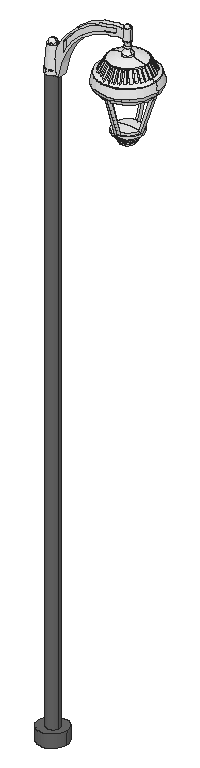
Revit family
Parameters
  Wattage Comments = "150 WATT COATED PMH"
  Wattage = 12.1178 W
  built-in parameter 1150110 = 1 (stored number, unit not read)
  Voltage = 208 V
  Vertical Lamp = Type = 1  # no
  URL = "www.kimlighting.com/"
  Type Comments = "Lighting Fixture"  # constant formula
  Type = 0
  built-in parameter 1114217 = 1 (stored number, unit not read)
  Top Mount Adapter Visible = yes
  Tilt Angle = 90.00°
  built-in parameter 1150109 = 1 (stored number, unit not read)
  built-in parameter 1150134 = (empty or 0)
  built-in parameter 1150113 = 1 (stored number, unit not read)
  Series = "Era Lantern luminaire"  # constant formula
  Revision Date = "2/8/2010"  # constant formula
  Power Factor = 0
  Pole Height [instance] = 192"
  Pole Finish = Aluminum-KIM-Black
  Photometric Web File = "generic"
  OmniClass Title = "Street and Roadway Lighting"  # constant formula
  OmniClass Number = "23-80 70 14 21"  # constant formula
  Number of Poles = 1
  Note Visible = yes
  Note Text = "LF"  # constant formula
  built-in parameter 1150142 = (empty or 0)
  Mount Height [instance] = Pole Height + 12"  # 204"
  Model = "LET 19SS"  # constant formula
  MasterFormat Title = "Parking Lighting, Roadway Lighting, Site Lighting"  # constant formula
  MasterFormat Number = "26 56 16, 26 56 19, 26 56 29"  # constant formula
  Manufacturer = "Kim Lighting"  # constant formula
  Lumens = 1800 lm
  built-in parameter 1150115 = 1 (stored number, unit not read)
  built-in parameter 1150105 = 143.24 (stored number, unit not read)
  built-in parameter 1150137 = (empty or 0)
  built-in parameter 1150139 = (empty or 0)
  built-in parameter 1150112 = 1 (stored number, unit not read)
  built-in parameter 1150114 = 1 (stored number, unit not read)
  Lamp = "COATED PMH"
  LEED = "www.usgbc.org"
  Kim Lighting IES File = ""
  Inside Material = Metal-Kim Lighting-Aluminum-Reflective
  Initial Lumens = 0 lm
  built-in parameter 1150132 = 2
  built-in parameter 1150102 = (empty or 0)
  built-in parameter 1150138 = (empty or 0)
  built-in parameter 1150107 = 3000 (stored number, unit not read)
  built-in parameter 1150106 = 1.4324 (stored number, unit not read)
  Housing Material = Metal-Kim Lighting-Aluminum Alloy
  Horizontal Lamp = Type = 0  # yes
  Glass Material = Glass-Kim Lighting-Clear
  Full Load Current = 0 A
  Frequency = 60 Hz
  Finish = "All colors shall be a Super TGIC powder coat paint. Optional white (WH) and custom colors available."
  Emit from Circle Diameter = 24"
  Emit Shape Visible in Rendering = no
  built-in parameter 1150104 = 13.8 (stored number, unit not read)
  Dimming Lamp Color Temperature Shift = (empty or 0)
  Description = "Site/Roadway Luminaire"  # constant formula
  Color Filter = 16777215
  built-in parameter 1114218 = 1 (stored number, unit not read)
  built-in parameter 1150133 = 10 (stored number, unit not read)
  Assembly Code = "D5020200"
  Arm Visible = yes
  Arm Material = Metal-Kim Lighting-Aluminum Alloy
  Architectural Design Manual = "http://www.kimlighting.com/LET19ss.pdf"
  Apparent Load = 0 VA
Reference planes (in)
  plane 1 "Light Source Axis (F/B)": y = 0
  plane 2: z = 0
  plane 3 "Light Source Axis (L/R)": x = 0
  plane 4 "Light Source Elevation": z = 192.54203
  plane 5 "Bottom": z = 178.90625
  plane 6: z = 182.65625
  plane 7: z = 179.54125
  plane 8: z = 180.41875
  plane 9: x = -2.705
  plane 10: x = -2.125
  plane 11: z = 181.97125
  plane 12: x = 2.125
  plane 13: x = 2.705
  plane 14: z = 183.22625
  plane 15: x = -4.5
  plane 16: x = 4.5
  plane 17: x = -3.72
  plane 18: x = 3.72
  plane 19: y = 0.375
  plane 20: y = -0.375
  plane 21: x = 0.375
  plane 22: x = -0.375
  plane 23: z = 193.65625
  plane 24: z = 195.15625
  plane 25: z = 196.15625
  plane 26: z = 198.57958
  plane 27: z = 202.75
  plane 28 "Back": x = -9.13603
  plane 29: x = -8.8041
  plane 30: x = -9.5
  plane 31: x = -8.85067
  plane 32 "Front": x = 9.13603
  plane 33: x = 9.5
  plane 34: x = 8.85067
  plane 35: x = 8.8041
  plane 36: y = 3.72
  plane 37: y = -3.72
  plane 38: y = 4.5
  plane 39: y = -4.5
  plane 40: z = 198.82965
  plane 41: z = 202.6266
  plane 42: x = 8.75
  plane 43: x = -8.75
  plane 44: x = -5.75
  plane 45: x = 5.75
  plane 46: x = -3
  plane 47: x = 3
  plane 48 "Top": z = 204
  plane 49 "Mount to Arm": z = 208
Forms (in)
  Revolve 1, solid, material "Metal-Kim Lighting-Aluminum Alloy" <- "Housing Material", detail levels medium+fine
    sketch origin (0, 0, 0) x (1, 0, 0) y (0, 0, 1)
      loop
        line (0, 178.90625) -> (0, 180.41875) -> (-2.705, 180.41875) -> (-2.705, 179.79375) -> (-2.27, 179.54125) -> (-2.125, 179.54125) -> (-2.125, 178.90625) -> (0, 178.90625)
      axis (0, 180.41875) -> (0, 178.90625)
    angle from 0 to 360
  Revolve 2, solid, material "Metal-Kim Lighting-Aluminum Alloy" <- "Housing Material", detail levels medium+fine
    sketch origin (0, 0, 0) x (1, 0, 0) y (0, 0, 1)
      loop
        line (0, 182.65625) -> (-4.5, 182.65625) -> (-4.5, 181.97125) -> (0, 181.97125) -> (0, 182.65625)
      axis (0, 182.65625) -> (0, 181.97125)
    angle from 0 to 360
  Revolve 3, solid, material "Metal-Kim Lighting-Aluminum Alloy" <- "Housing Material", detail levels medium+fine
    sketch origin (0, 0, -5.09375) x (1, 0, 0) y (0, 0, 1)
      loop
        line (-3.72, 187.75) -> (0, 187.75) -> (0, 188.61)
        spline (0, 188.61) -> (-0.30271, 188.60799) -> (-0.60674, 188.60194) -> (-0.9121, 188.59188) -> (-1.21879, 188.57778) -> (-1.5268, 188.55965) -> (-1.83614, 188.5375) -> (-2.1468, 188.51132) -> (-2.45879, 188.48111) -> (-2.7721, 188.44688) -> (-3.08674, 188.40861) -> (-3.40271, 188.36632) -> (-3.72, 188.32)
        line (-3.72, 188.32) -> (-3.72, 187.75)
      axis (0, 188.61) -> (0, 187.75)
    angle from 0 to 360
  Extrusion 4, solid, material "Metal-Kim Lighting-Aluminum Alloy" <- "Housing Material"
    sketch origin (0, 0.375, 52.90625) x (0, 0, 1) y (-1, 0, 0)
      loop
        line (129.75, 4.5) -> (129.75, 3.72) -> (130.32, 3.72) -> (140.75, 7.31134) -> (140.75, 7.75) -> (142.25, 8.26649) -> (142.25, 8.8041) -> (129.75, 4.5)
    from 0 to 0.75
  Extrusion 5, solid, material "Metal-Kim Lighting-Aluminum Alloy" <- "Housing Material"
    sketch origin (0, 0.375, 202) x (0, 0, 1) y (-1, 0, 0)
      loop
        line (-19.34375, -4.5) -> (-6.84375, -8.8041) -> (-6.84375, -8.26649) -> (-8.34375, -7.75) -> (-8.34375, -7.31134) -> (-18.77375, -3.72) -> (-19.34375, -3.72) -> (-19.34375, -4.5)
    from 0 to 0.75
  Extrusion 6, solid, material "Metal-Kim Lighting-Aluminum Alloy" <- "Housing Material"
    sketch origin (0.375, 13.38705, 48) x (0, 1, 0) y (0, 0, 1)
      loop
        line (-8.88705, 134.65625) -> (-4.58295, 147.15625) -> (-5.12056, 147.15625) -> (-5.63705, 145.65625) -> (-6.07571, 145.65625) -> (-9.66705, 135.22625) -> (-9.66705, 134.65625) -> (-8.88705, 134.65625)
    from 0 to -0.75
  Extrusion 7, solid, material "Metal-Kim Lighting-Aluminum Alloy" <- "Housing Material"
    sketch origin (0.375, -13.38705, 48) x (0, -1, 0) y (0, 0, -1)
      loop
        line (-8.88705, -134.65625) -> (-9.66705, -134.65625) -> (-9.66705, -135.22625) -> (-6.07571, -145.65625) -> (-5.63705, -145.65625) -> (-5.12056, -147.15625) -> (-4.58295, -147.15625) -> (-8.88705, -134.65625)
    from 0 to -0.75
  Revolve 8, solid, material "Metal-Kim Lighting-Aluminum Alloy" <- "Housing Material", detail levels medium+fine
    sketch origin (0, 0, 0) x (1, 0, 0) y (0, 0, 1)
      loop
        line (-7.75, 193.65625) -> (-7.31134, 193.65625) -> (-7.82783, 195.15625) -> (-8.26649, 195.15625) -> (-7.75, 193.65625)
      axis (0, 195.15625) -> (0, 193.65625)
    angle from 0 to 360
  Revolve 9, solid, material "Metal-Kim Lighting-Aluminum Alloy" <- "Housing Material", detail levels medium+fine
    sketch origin (0, 0, -5.09375) x (1, 0, 0) y (0, 0, 1)
      loop
        line (-9.5, 201.25) -> (-9.13603, 200.25) -> (-7.83591, 200.25) -> (-7.83591, 203.67333) -> (-8.85067, 203.67333) -> (-9.5, 201.25)
      axis (0, 203.67333) -> (0, 200.25)
    angle from 0 to 360
  Revolve 10, solid, material "Metal-Kim Lighting-Aluminum Alloy" <- "Housing Material", detail levels medium+fine
    sketch origin (-1, 0, 0) x (1, 0, 0) y (0, 0, 1)
      loop
        spline (1, 204) -> (0.46827, 203.96434) -> (-0.05389, 203.91622) -> (-0.56651, 203.85565) -> (-1.06956, 203.78262) -> (-1.56307, 203.69714) -> (-2.04701, 203.5992) -> (-2.5214, 203.48881) -> (-2.98623, 203.36596) -> (-3.44151, 203.23065) -> (-3.88723, 203.08289) -> (-4.32339, 202.92267) -> (-4.75, 202.75)
        line (-4.75, 202.75) -> (1, 202.75) -> (1, 204)
      axis (1, 204) -> (1, 202.75)
    angle from 0 to 360
  Revolve 11, solid, material "Metal-Kim Lighting-Aluminum Alloy" <- "Housing Material", detail levels medium+fine
    sketch origin (0, 0, 0) x (1, 0, 0) y (0, 0, 1)
      loop
        line (0, 181.97125) -> (-4.5, 181.97125)
        spline (-4.5, 181.97125) -> (-4.35084, 181.86689) -> (-4.20608, 181.75798) -> (-4.0657, 181.64452) -> (-3.92972, 181.52651) -> (-3.79813, 181.40396) -> (-3.67094, 181.27686) -> (-3.54813, 181.14521) -> (-3.42972, 181.00901) -> (-3.3157, 180.86827) -> (-3.20608, 180.72298) -> (-3.10084, 180.57314) -> (-3, 180.41875)
        line (-3, 180.41875) -> (0, 180.41875) -> (0, 181.97125)
      axis (0, 180.41875) -> (0, 181.97125)
    angle from 0 to 360
  Revolve 12, solid, material "Metal-Kim Lighting-Aluminum Alloy" <- "Housing Material", detail levels medium+fine
    sketch origin (0, 0, 0) x (1, 0, 0) y (0, 0, 1)
      loop
        line (0, 202.75) -> (-5.75, 202.75) -> (-5.75, 202.6266)
        arc (-5.75, 202.6266) -> (-6.7713, 200.3499) -> (-8.75, 198.82965) r 5.10287
        line (-8.75, 198.82965) -> (-8.75, 198.57958) -> (0, 198.57958) -> (0, 202.75)
      axis (0, 198.57958) -> (0, 202.75)
    angle from 0 to 360
  Blend 13, solid, material "Metal-Kim Lighting-Aluminum Alloy" <- "Housing Material", detail levels fine
    base sketch origin (0, 0, 0) x (1, 0, 0) y (0, 1, 0)
      loop
        line (-0.375, 7.75) -> (-1.14238, 7.66534) -> (-1.19454, 7.92753) -> (-1.93013, 7.78121) -> (-1.87797, 7.51902) -> (-2.61587, 7.29519) -> (-2.71817, 7.54216) -> (-3.41108, 7.25515) -> (-3.30878, 7.00817) -> (-3.98882, 6.64468) -> (-4.13734, 6.86695) -> (-4.76094, 6.45027) -> (-4.61243, 6.228) -> (-5.20849, 5.73882) -> (-5.39752, 5.92785) -> (-5.92785, 5.39752) -> (-5.73882, 5.20849) -> (-6.228, 4.61243) -> (-6.45027, 4.76094) -> (-6.86695, 4.13734) -> (-6.64468, 3.98882) -> (-7.00817, 3.30878) -> (-7.25515, 3.41108) -> (-7.54216, 2.71817) -> (-7.29519, 2.61587) -> (-7.51902, 1.87797) -> (-7.78121, 1.93013) -> (-7.92753, 1.19454) -> (-7.66534, 1.14238) -> (-7.75, 0.375) -> (-8.00825, 0.375) -> (-8.00825, -0.375) -> (-7.74092, -0.375) -> (-7.66534, -1.14238) -> (-7.92753, -1.19454) -> (-7.78121, -1.93013) -> (-7.51902, -1.87797) -> (-7.29519, -2.61587) -> (-7.54216, -2.71817) -> (-7.25515, -3.41108) -> (-7.00817, -3.30878) -> (-6.64468, -3.98882) -> (-6.86695, -4.13734) -> (-6.45027, -4.76094) -> (-6.228, -4.61243) -> (-5.73882, -5.20849) -> (-5.92785, -5.39752) -> (-5.39752, -5.92785) -> (-5.20849, -5.73882) -> (-4.61243, -6.228) -> (-4.76094, -6.45027) -> (-4.13734, -6.86695) -> (-3.98882, -6.64468) -> (-3.30878, -7.00817) -> (-3.41108, -7.25515) -> (-2.71817, -7.54216) -> (-2.61587, -7.29519) -> (-1.87797, -7.51902) -> (-1.93013, -7.78121) -> (-1.19454, -7.92753) -> (-1.14238, -7.66534) -> (-0.375, -7.75) -> (-0.375, -8.00825) -> (0.375, -8.00825) -> (0.375, -7.74092) -> (1.14238, -7.66534) -> (1.19454, -7.92753) -> (1.93013, -7.78121) -> (1.87797, -7.51902) -> (2.61587, -7.29519) -> (2.71817, -7.54216) -> (3.41108, -7.25515) -> (3.30878, -7.00817) -> (3.98882, -6.64468) -> (4.13734, -6.86695) -> (4.76094, -6.45027) -> (4.61243, -6.228) -> (5.20849, -5.73882) -> (5.39752, -5.92785) -> (5.92785, -5.39752) -> (5.73882, -5.20849) -> (6.2254, -4.61069) -> (6.45027, -4.76094) -> (6.86695, -4.13734) -> (6.64468, -3.98882) -> (7.00817, -3.30878) -> (7.25515, -3.41108) -> (7.54216, -2.71817) -> (7.30266, -2.61896) -> (7.51902, -1.87797) -> (7.78121, -1.93013) -> (7.92753, -1.19454) -> (7.66534, -1.14238) -> (7.74092, -0.375) -> (8.00825, -0.375) -> (8.00825, 0.375) -> (7.75, 0.375) -> (7.66534, 1.14238) -> (7.92753, 1.19454) -> (7.78121, 1.93013) -> (7.51902, 1.87797) -> (7.29519, 2.61587) -> (7.54216, 2.71817) -> (7.25515, 3.41108) -> (7.00817, 3.30878) -> (6.64468, 3.98882) -> (6.86695, 4.13734) -> (6.45027, 4.76094) -> (6.24027, 4.62063) -> (5.73882, 5.20849) -> (5.92785, 5.39752) -> (5.39752, 5.92785) -> (5.21893, 5.74926) -> (4.61243, 6.228) -> (4.76094, 6.45027) -> (4.13734, 6.86695) -> (3.99702, 6.65695) -> (3.30878, 7.00817) -> (3.41108, 7.25515) -> (2.71817, 7.54216) -> (2.61587, 7.29519) -> (1.87797, 7.51902) -> (1.93013, 7.78121) -> (1.19454, 7.92753) -> (1.14238, 7.66534) -> (0.375, 7.74092) -> (0.375, 8.00825) -> (-0.375, 8.00825) -> (-0.375, 7.75)
    top sketch origin (0, 0, 0) x (1, 0, 0) y (0, 1, 0)
      loop
        line (-0.26925, 5.56458) -> (-0.82024, 5.50379) -> (-0.85769, 5.69204) -> (-1.38585, 5.58699) -> (-1.3484, 5.39873) -> (-1.87822, 5.23802) -> (-1.95167, 5.41535) -> (-2.44919, 5.20927) -> (-2.37574, 5.03194) -> (-2.86402, 4.77095) -> (-2.97065, 4.93054) -> (-3.41841, 4.63136) -> (-3.31177, 4.47177) -> (-3.73975, 4.12053) -> (-3.87547, 4.25626) -> (-4.25626, 3.87547) -> (-4.12053, 3.73975) -> (-4.47177, 3.31177) -> (-4.63136, 3.41841) -> (-4.93054, 2.97065) -> (-4.77095, 2.86402) -> (-5.03194, 2.37574) -> (-5.20927, 2.44919) -> (-5.41535, 1.95167) -> (-5.23802, 1.87822) -> (-5.39873, 1.3484) -> (-5.58699, 1.38585) -> (-5.69204, 0.85769) -> (-5.50379, 0.82024) -> (-5.56458, 0.26925) -> (-5.75, 0.26925) -> (-5.75, -0.26925) -> (-5.55806, -0.26925) -> (-5.50379, -0.82024) -> (-5.69204, -0.85769) -> (-5.58699, -1.38585) -> (-5.39873, -1.3484) -> (-5.23802, -1.87822) -> (-5.41535, -1.95167) -> (-5.20927, -2.44919) -> (-5.03194, -2.37574) -> (-4.77095, -2.86402) -> (-4.93054, -2.97065) -> (-4.63136, -3.41841) -> (-4.47177, -3.31177) -> (-4.12053, -3.73975) -> (-4.25626, -3.87547) -> (-3.87547, -4.25626) -> (-3.73975, -4.12053) -> (-3.31177, -4.47177) -> (-3.41841, -4.63136) -> (-2.97065, -4.93054) -> (-2.86402, -4.77095) -> (-2.37574, -5.03194) -> (-2.44919, -5.20927) -> (-1.95167, -5.41535) -> (-1.87822, -5.23802) -> (-1.3484, -5.39873) -> (-1.38585, -5.58699) -> (-0.85769, -5.69204) -> (-0.82024, -5.50379) -> (-0.26925, -5.56458) -> (-0.26925, -5.75) -> (0.26925, -5.75) -> (0.26925, -5.55806) -> (0.82024, -5.50379) -> (0.85769, -5.69204) -> (1.38585, -5.58699) -> (1.3484, -5.39873) -> (1.87822, -5.23802) -> (1.95167, -5.41535) -> (2.44919, -5.20927) -> (2.37574, -5.03194) -> (2.86402, -4.77095) -> (2.97065, -4.93054) -> (3.41841, -4.63136) -> (3.31177, -4.47177) -> (3.73975, -4.12053) -> (3.87547, -4.25626) -> (4.25626, -3.87547) -> (4.12053, -3.73975) -> (4.4699, -3.31052) -> (4.63136, -3.41841) -> (4.93054, -2.97065) -> (4.77095, -2.86402) -> (5.03194, -2.37574) -> (5.20927, -2.44919) -> (5.41535, -1.95167) -> (5.24338, -1.88044) -> (5.39873, -1.3484) -> (5.58699, -1.38585) -> (5.69204, -0.85769) -> (5.50379, -0.82024) -> (5.55806, -0.26925) -> (5.75, -0.26925) -> (5.75, 0.26925) -> (5.56458, 0.26925) -> (5.50379, 0.82024) -> (5.69204, 0.85769) -> (5.58699, 1.38585) -> (5.39873, 1.3484) -> (5.23802, 1.87822) -> (5.41535, 1.95167) -> (5.20927, 2.44919) -> (5.03194, 2.37574) -> (4.77095, 2.86402) -> (4.93054, 2.97065) -> (4.63136, 3.41841) -> (4.48058, 3.31766) -> (4.12053, 3.73975) -> (4.25626, 3.87547) -> (3.87547, 4.25626) -> (3.74724, 4.12803) -> (3.31177, 4.47177) -> (3.41841, 4.63136) -> (2.97065, 4.93054) -> (2.8699, 4.77976) -> (2.37574, 5.03194) -> (2.44919, 5.20927) -> (1.95167, 5.41535) -> (1.87822, 5.23802) -> (1.3484, 5.39873) -> (1.38585, 5.58699) -> (0.85769, 5.69204) -> (0.82024, 5.50379) -> (0.26925, 5.55806) -> (0.26925, 5.75) -> (-0.26925, 5.75) -> (-0.26925, 5.56458)
    from 198.82965 to 202.6266
  Blend 14, solid, material "Metal-Kim Lighting-Aluminum Alloy" <- "Housing Material", detail levels fine
    base sketch origin (0, 0, 0) x (1, 0, 0) y (0, 1, 0)
      loop
        line (-0.14348, 2.96526) -> (-0.43709, 2.93287) -> (-0.45705, 3.03319) -> (-0.73849, 2.97721) -> (-0.71854, 2.87689) -> (-1.00087, 2.79125) -> (-1.04001, 2.88574) -> (-1.30513, 2.77593) -> (-1.26599, 2.68143) -> (-1.52618, 2.54235) -> (-1.58301, 2.6274) -> (-1.82161, 2.46797) -> (-1.76478, 2.38293) -> (-1.99285, 2.19576) -> (-2.06517, 2.26808) -> (-2.26808, 2.06517) -> (-2.19576, 1.99285) -> (-2.38293, 1.76478) -> (-2.46797, 1.82161) -> (-2.6274, 1.58301) -> (-2.54235, 1.52618) -> (-2.68143, 1.26599) -> (-2.77593, 1.30513) -> (-2.88574, 1.04001) -> (-2.79125, 1.00087) -> (-2.87689, 0.71854) -> (-2.97721, 0.73849) -> (-3.03319, 0.45705) -> (-2.93287, 0.43709) -> (-2.96526, 0.14348) -> (-3.06407, 0.14348) -> (-3.06407, -0.14348) -> (-2.96179, -0.14348) -> (-2.93287, -0.43709) -> (-3.03319, -0.45705) -> (-2.97721, -0.73849) -> (-2.87689, -0.71854) -> (-2.79125, -1.00087) -> (-2.88574, -1.04001) -> (-2.77593, -1.30513) -> (-2.68143, -1.26599) -> (-2.54235, -1.52618) -> (-2.6274, -1.58301) -> (-2.46797, -1.82161) -> (-2.38293, -1.76478) -> (-2.19576, -1.99285) -> (-2.26808, -2.06517) -> (-2.06517, -2.26808) -> (-1.99285, -2.19576) -> (-1.76478, -2.38293) -> (-1.82161, -2.46797) -> (-1.58301, -2.6274) -> (-1.52618, -2.54235) -> (-1.26599, -2.68143) -> (-1.30513, -2.77593) -> (-1.04001, -2.88574) -> (-1.00087, -2.79125) -> (-0.71854, -2.87689) -> (-0.73849, -2.97721) -> (-0.45705, -3.03319) -> (-0.43709, -2.93287) -> (-0.14348, -2.96526) -> (-0.14348, -3.06407) -> (0.14348, -3.06407) -> (0.14348, -2.96179) -> (0.43709, -2.93287) -> (0.45705, -3.03319) -> (0.73849, -2.97721) -> (0.71854, -2.87689) -> (1.00087, -2.79125) -> (1.04001, -2.88574) -> (1.30513, -2.77593) -> (1.26599, -2.68143) -> (1.52618, -2.54235) -> (1.58301, -2.6274) -> (1.82161, -2.46797) -> (1.76478, -2.38293) -> (1.99285, -2.19576) -> (2.06517, -2.26808) -> (2.26808, -2.06517) -> (2.19576, -1.99285) -> (2.38193, -1.76412) -> (2.46797, -1.82161) -> (2.6274, -1.58301) -> (2.54235, -1.52618) -> (2.68143, -1.26599) -> (2.77593, -1.30513) -> (2.88574, -1.04001) -> (2.79411, -1.00205) -> (2.87689, -0.71854) -> (2.97721, -0.73849) -> (3.03319, -0.45705) -> (2.93287, -0.43709) -> (2.96179, -0.14348) -> (3.06407, -0.14348) -> (3.06407, 0.14348) -> (2.96526, 0.14348) -> (2.93287, 0.43709) -> (3.03319, 0.45705) -> (2.97721, 0.73849) -> (2.87689, 0.71854) -> (2.79125, 1.00087) -> (2.88574, 1.04001) -> (2.77593, 1.30513) -> (2.68143, 1.26599) -> (2.54235, 1.52618) -> (2.6274, 1.58301) -> (2.46797, 1.82161) -> (2.38762, 1.76792) -> (2.19576, 1.99285) -> (2.26808, 2.06517) -> (2.06517, 2.26808) -> (1.99684, 2.19975) -> (1.76478, 2.38293) -> (1.82161, 2.46797) -> (1.58301, 2.6274) -> (1.52932, 2.54705) -> (1.26599, 2.68143) -> (1.30513, 2.77593) -> (1.04001, 2.88574) -> (1.00087, 2.79125) -> (0.71854, 2.87689) -> (0.73849, 2.97721) -> (0.45705, 3.03319) -> (0.43709, 2.93287) -> (0.14348, 2.96179) -> (0.14348, 3.06407) -> (-0.14348, 3.06407) -> (-0.14348, 2.96526)
    top sketch origin (0, 0, 0) x (1, 0, 0) y (0, 1, 0)
      loop
        line (-0.20291, 4.19352) -> (-0.61814, 4.14771) -> (-0.64636, 4.28958) -> (-1.04439, 4.2104) -> (-1.01617, 4.06854) -> (-1.41544, 3.94742) -> (-1.4708, 4.08105) -> (-1.84573, 3.92575) -> (-1.79038, 3.79211) -> (-2.15835, 3.59543) -> (-2.23871, 3.7157) -> (-2.57614, 3.49024) -> (-2.49578, 3.36997) -> (-2.81831, 3.10527) -> (-2.92059, 3.20755) -> (-3.20755, 2.92059) -> (-3.10527, 2.81831) -> (-3.36997, 2.49578) -> (-3.49024, 2.57614) -> (-3.7157, 2.23871) -> (-3.59543, 2.15835) -> (-3.79211, 1.79038) -> (-3.92575, 1.84573) -> (-4.08105, 1.4708) -> (-3.94742, 1.41544) -> (-4.06854, 1.01617) -> (-4.2104, 1.04439) -> (-4.28958, 0.64636) -> (-4.14771, 0.61814) -> (-4.19352, 0.20291) -> (-4.33325, 0.20291) -> (-4.33325, -0.20291) -> (-4.1886, -0.20291) -> (-4.14771, -0.61814) -> (-4.28958, -0.64636) -> (-4.2104, -1.04439) -> (-4.06854, -1.01617) -> (-3.94742, -1.41544) -> (-4.08105, -1.4708) -> (-3.92575, -1.84573) -> (-3.79211, -1.79038) -> (-3.59543, -2.15835) -> (-3.7157, -2.23871) -> (-3.49024, -2.57614) -> (-3.36997, -2.49578) -> (-3.10527, -2.81831) -> (-3.20755, -2.92059) -> (-2.92059, -3.20755) -> (-2.81831, -3.10527) -> (-2.49578, -3.36997) -> (-2.57614, -3.49024) -> (-2.23871, -3.7157) -> (-2.15835, -3.59543) -> (-1.79038, -3.79211) -> (-1.84573, -3.92575) -> (-1.4708, -4.08105) -> (-1.41544, -3.94742) -> (-1.01617, -4.06854) -> (-1.04439, -4.2104) -> (-0.64636, -4.28958) -> (-0.61814, -4.14771) -> (-0.20291, -4.19352) -> (-0.20291, -4.33325) -> (0.20291, -4.33325) -> (0.20291, -4.1886) -> (0.61814, -4.14771) -> (0.64636, -4.28958) -> (1.04439, -4.2104) -> (1.01617, -4.06854) -> (1.41544, -3.94742) -> (1.4708, -4.08105) -> (1.84573, -3.92575) -> (1.79038, -3.79211) -> (2.15835, -3.59543) -> (2.23871, -3.7157) -> (2.57614, -3.49024) -> (2.49578, -3.36997) -> (2.81831, -3.10527) -> (2.92059, -3.20755) -> (3.20755, -2.92059) -> (3.10527, -2.81831) -> (3.36856, -2.49484) -> (3.49024, -2.57614) -> (3.7157, -2.23871) -> (3.59543, -2.15835) -> (3.79211, -1.79038) -> (3.92575, -1.84573) -> (4.08105, -1.4708) -> (3.95146, -1.41712) -> (4.06854, -1.01617) -> (4.2104, -1.04439) -> (4.28958, -0.64636) -> (4.14771, -0.61814) -> (4.1886, -0.20291) -> (4.33325, -0.20291) -> (4.33325, 0.20291) -> (4.19352, 0.20291) -> (4.14771, 0.61814) -> (4.28958, 0.64636) -> (4.2104, 1.04439) -> (4.06854, 1.01617) -> (3.94742, 1.41544) -> (4.08105, 1.4708) -> (3.92575, 1.84573) -> (3.79211, 1.79038) -> (3.59543, 2.15835) -> (3.7157, 2.23871) -> (3.49024, 2.57614) -> (3.37661, 2.50022) -> (3.10527, 2.81831) -> (3.20755, 2.92059) -> (2.92059, 3.20755) -> (2.82396, 3.11092) -> (2.49578, 3.36997) -> (2.57614, 3.49024) -> (2.23871, 3.7157) -> (2.16279, 3.60207) -> (1.79038, 3.79211) -> (1.84573, 3.92575) -> (1.4708, 4.08105) -> (1.41544, 3.94742) -> (1.01617, 4.06854) -> (1.04439, 4.2104) -> (0.64636, 4.28958) -> (0.61814, 4.14771) -> (0.20291, 4.1886) -> (0.20291, 4.33325) -> (-0.20291, 4.33325) -> (-0.20291, 4.19352)
    from 180.41875 to 181.97125
  Revolve 15, solid, material "Metal-Kim Lighting-Aluminum Alloy" <- "Housing Material", detail levels coarse
    sketch origin (0, 0, -5.09375) x (1, 0, 0) y (0, 0, 1)
      loop
        line (0, 209.09375) -> (0, 198.75) -> (8.59007, 198.75) -> (9.5, 201.25) -> (4.97141, 209.09375) -> (0, 209.09375)
      axis (0, 198.75) -> (0, 209.09375)
    angle from 0 to 360
  Revolve 16, solid, material "Metal-Kim Lighting-Aluminum Alloy" <- "Housing Material", detail levels coarse
    sketch origin (0, 0, 20) x (1, 0, 0) y (0, 0, 1)
      loop
        line (0, 162.65625) -> (0, 158.90625) -> (2.125, 158.90625) -> (4.5, 162.65625) -> (0, 162.65625)
      axis (0, 162.65625) -> (0, 158.90625)
    angle from 0 to 360
  Revolve 17, solid, material "Metal-Kim Lighting-Aluminum-Reflective" <- "Inside Material", visible <- "Horizontal Lamp", detail levels medium+fine
    sketch origin (-33.9863, 0, 56.70062) x (0, 0, -1) y (1, 0, 0)
      loop
        line (-138.45563, 37.86718) -> (-138.45563, 36.49363) -> (-137.70563, 36.49363) -> (-137.70563, 37.86718) -> (-138.45563, 37.86718)
      axis (-138.45563, 37.86718) -> (-138.45563, 36.49363)
    angle from 0 to 360
  Revolve 18, solid, material "Metal-Kim Lighting-Aluminum-Reflective" <- "Inside Material", visible <- "Horizontal Lamp", detail levels medium+fine
    sketch origin (-0.45062, 0, 22.6177) x (1, 0, 0) y (0, 0, 1)
      loop
        line (0.45062, 175.67143) -> (2.65385, 175.67143) -> (3.02797, 175.02343) -> (4.78907, 175.02343) -> (5.25856, 173.65993) -> (5.82562, 173.65993) -> (5.82562, 171.52084) -> (7.76455, 171.0461) -> (7.79642, 171.13865) -> (5.92718, 171.59633) -> (5.92718, 173.76149) -> (5.33101, 173.76149) -> (4.86152, 175.125) -> (3.08661, 175.125) -> (2.71249, 175.77299) -> (0.45062, 175.77299) -> (0.45062, 175.67143)
      axis (0.45062, 175.77299) -> (0.45062, 171.0461)
    angle from 0 to 360
  Revolve 19, solid, material "Metal-Kim Lighting-Aluminum-Reflective" <- "Inside Material", visible <- "Horizontal Lamp", detail levels medium+fine
    sketch origin (-0.45062, 0, 22.5137) x (1, 0, 0) y (0, 0, 1)
      loop
        line (5.8315, 172.64255) -> (5.8315, 173.39255) -> (4.3315, 173.39255) -> (4.3315, 172.64255) -> (5.8315, 172.64255)
      axis (4.3315, 172.64255) -> (5.8315, 172.64255)
    angle from 0 to 360
  Revolve 20, solid, material "Glass-Kim Lighting-Clear" <- "Glass Material", detail levels medium+fine
    sketch origin (1.80104, 0, 92.4652) x (1, 0, 0) y (0, 0, 1)
      loop
        line (5.51029, 101.19105) -> (5.26029, 101.19105)
        arc (5.26029, 101.19105) -> (1.79182, 100.18227) -> (-1.80104, 99.80915) r 20.14435
        line (-1.80104, 99.80915) -> (-1.80104, 99.67334)
        arc (-1.80104, 99.67334) -> (1.9228, 100.10377) -> (5.51029, 101.19105) r 20.94689
      axis (-1.80104, 99.67334) -> (-1.80104, 101.19105)
    angle from 0 to 360
  Revolve 21, solid, material "Metal-Kim Lighting-Aluminum-Reflective" <- "Inside Material", visible <- "Vertical Lamp", detail levels fine
    sketch origin (1.40174, 0, 70.04548) x (1, 0, 0) y (0, 0, 1)
      loop
        line (-1.40174, 127.97209) -> (-1.40174, 122.75046)
        arc (-1.40174, 122.75046) -> (-0.4467, 123.95745) -> (-0.21609, 125.4792) r 2.99915
        arc (-0.21609, 125.4792) -> (-0.39248, 126.21437) -> (-0.7471, 126.88207) r 2.99915
        arc (-0.7471, 126.88207) -> (-0.89895, 127.44454) -> (-0.65174, 127.97209) r 0.84735
        line (-0.65174, 127.97209) -> (-1.40174, 127.97209)
      axis (-1.40174, 122.75046) -> (-1.40174, 127.97209)
    angle from 0 to 360
  Revolve 22, solid, material "Metal-Kim Lighting-Aluminum-Reflective" <- "Inside Material", visible <- "Horizontal Lamp", detail levels fine
    sketch origin (13.44149, 0, 54.84826) x (0, 0, -1) y (1, 0, 0)
      loop
        line (-140.30799, -10.93416) -> (-140.30799, -16.15579)
        arc (-140.30799, -16.15579) -> (-139.35295, -14.9488) -> (-139.12234, -13.42705) r 2.99915
        arc (-139.12234, -13.42705) -> (-139.29873, -12.69188) -> (-139.65335, -12.02418) r 2.99915
        arc (-139.65335, -12.02418) -> (-139.8052, -11.46171) -> (-139.55799, -10.93416) r 0.84735
        line (-139.55799, -10.93416) -> (-140.30799, -10.93416)
      axis (-140.30799, -16.15579) -> (-140.30799, -10.93416)
    angle from 0 to 360
  Revolve 23, solid, material "Metal-Kim Lighting-Aluminum-Reflective" <- "Inside Material", visible <- "Vertical Lamp", detail levels medium+fine
    sketch origin (-0.45062, 0, 22.6177) x (1, 0, 0) y (0, 0, 1)
      loop
        line (0.45062, 175.96189) -> (0.45062, 175.39988) -> (1.20062, 175.39988) -> (1.20062, 175.96189) -> (0.45062, 175.96189)
      axis (0.45062, 175.96189) -> (0.45062, 175.39988)
    angle from 0 to 360
  Revolve 24, solid, material "Glass-Kim Lighting-Clear" <- "Glass Material", detail levels medium+fine
    sketch origin (0, 0, 0) x (1, 0, 0) y (0, 0, 1)
      loop
        line (0, 193.75635) -> (0, 193.65625) -> (7.31134, 193.65625) -> (7.31134, 193.75635) -> (0, 193.75635)
      axis (0, 193.65625) -> (0, 193.75635)
    angle from 0 to 360
  Revolve 25, solid, material "Metal-Kim Lighting-Aluminum Alloy" <- "Housing Material", visible <- "Top Mount Adapter Visible", detail levels medium+fine
    sketch origin (0, 0, 0) x (1, 0, 0) y (0, 0, 1)
      loop
        line (0, 208) -> (0, 203.75) -> (1.58258, 203.75) -> (1.58258, 204)
        arc (1.58258, 204) -> (0.96946, 204.8263) -> (0.68644, 205.81554) r 2.87588
        arc (0.68644, 205.81554) -> (0.93644, 206.06554) -> (0.68644, 206.31554) r 0.25
        arc (0.68644, 206.31554) -> (0.78954, 207.06829) -> (1.125, 207.75) r 2.37574
        line (1.125, 207.75) -> (1.125, 208) -> (0, 208)
      axis (0, 208) -> (0, 203.75)
    angle from 0 to 360
  Revolve 26, solid, material "Metal-Kim Lighting-Aluminum Alloy" <- "Housing Material", visible <- "Top Mount Adapter Visible", detail levels coarse
    sketch origin (0, 0, 0) x (1, 0, 0) y (0, 0, 1)
      loop
        line (1.125, 208) -> (0, 208) -> (0, 203.75) -> (1.58258, 203.75) -> (0.60736, 206.06815) -> (1.125, 208)
      axis (0, 208) -> (0, 203.75)
    angle from 0 to 360
Lines and regions (in)
  symbolic lines
    curve 1: circle (0, 0, 0) r 9.5 normal (0, 0, 1)
    curve 30: line (2.125, 0, 178.90625) -> (-2.125, 0, 178.90625)
    curve 76: line (1.125, 0, 208) -> (-1.125, 0, 208)
    curve 114: line (0, 2.1271, 178.90625) -> (0, -2.1271, 178.90625)
  symbolic lines, detail levels medium+fine
    curve 2: circle (0, 0, 0) r 5.75 normal (0, 0, 1)
    curve 7: line (-9.12833, 0.375, 0) -> (-8.26649, 0.375, 0)
    curve 8: line (-9.12833, -0.375, 0) -> (-9.12833, 0.375, 0)
    curve 9: line (-8.26649, -0.375, 0) -> (-9.12833, -0.375, 0)
    curve 10: line (-8.26649, 0.375, 0) -> (-8.26649, -0.375, 0)
    curve 11: line (-0.375, 8.8041, 0) -> (0.375, 8.8041, 0)
    curve 12: line (-0.375, 8.00825, 0) -> (-0.375, 8.8041, 0)
    curve 13: line (0.375, 8.00825, 0) -> (-0.375, 8.00825, 0)
    curve 14: line (0.375, 8.8041, 0) -> (0.375, 8.00825, 0)
    curve 15: line (8.00825, 0.375, 0) -> (8.8041, 0.375, 0)
    curve 16: line (8.00825, -0.375, 0) -> (8.00825, 0.375, 0)
    curve 17: line (8.8041, -0.375, 0) -> (8.00825, -0.375, 0)
    curve 18: line (8.8041, 0.375, 0) -> (8.8041, -0.375, 0)
    curve 19: line (-0.375, -8.00825, 0) -> (0.375, -8.00825, 0)
    curve 20: line (-0.375, -8.8041, 0) -> (-0.375, -8.00825, 0)
    curve 21: line (0.375, -8.8041, 0) -> (-0.375, -8.8041, 0)
    curve 22: line (0.375, -8.00825, 0) -> (0.375, -8.8041, 0)
    curve 31: line (2.125, 0, 178.90625) -> (2.125, 0, 179.54125)
    curve 32: line (2.125, 0, 179.54125) -> (2.705, 0, 179.79375)
    curve 33: line (2.705, 0, 179.79375) -> (2.705, 0, 180.41875)
    curve 34: line (3.06407, 0, 180.41875) -> (4.5, 0, 181.97125)
    curve 35: line (4.5, 0, 181.97125) -> (4.5, 0, 182.65625)
    curve 36: line (4.5, 0, 182.65625) -> (8.8041, 0, 195.15625)
    curve 37: line (8.8041, 0, 195.15625) -> (9.13603, 0, 195.15625)
    curve 38: line (9.13603, 0, 195.15625) -> (9.5, 0, 196.15625)
    curve 39: line (9.5, 0, 196.15625) -> (8.85067, 0, 198.57958)
    curve 40: line (8.85067, 0, 198.57958) -> (8.75, 0, 198.57958)
    curve 41: line (8.75, 0, 198.57958) -> (8.75, 0, 198.82965)
    curve 43: line (-2.125, 0, 178.90625) -> (-2.125, 0, 179.54125)
    curve 44: line (-2.125, 0, 179.54125) -> (-2.705, 0, 179.79375)
    curve 45: line (-2.705, 0, 179.79375) -> (-2.705, 0, 180.41875)
    curve 46: line (-3.06407, 0, 180.41875) -> (-4.5, 0, 181.97125)
    curve 47: line (-4.5, 0, 181.97125) -> (-4.5, 0, 182.65625)
    curve 48: line (-4.5, 0, 182.65625) -> (-8.8041, 0, 195.15625)
    curve 49: line (-8.8041, 0, 195.15625) -> (-9.13603, 0, 195.15625)
    curve 50: line (-9.13603, 0, 195.15625) -> (-9.5, 0, 196.15625)
    curve 51: line (-9.5, 0, 196.15625) -> (-8.85067, 0, 198.57958)
    curve 52: line (-8.85067, 0, 198.57958) -> (-8.75, 0, 198.57958)
    curve 53: line (-8.75, 0, 198.57958) -> (-8.75, 0, 198.82965)
    curve 56: line (7.31134, 0, 193.65625) -> (-7.31134, 0, 193.65625)
    curve 57: line (0.375, 0, 193.65625) -> (0.375, 0, 182.65625)
    curve 58: line (-0.375, 0, 182.65625) -> (-0.375, 0, 193.65625)
    curve 59: line (-7.82783, 0, 195.15625) -> (-3.52373, 0, 182.65625)
    curve 60: line (7.82783, 0, 195.15625) -> (3.52373, 0, 182.65625)
    curve 61: line (9.13603, 0, 195.15625) -> (-9.13603, 0, 195.15625)
    curve 62: line (4.5, 0, 182.65625) -> (-4.5, 0, 182.65625)
    curve 65: line (3.06407, 0, 180.41875) -> (-3.06407, 0, 180.41875)
    curve 68: line (8.75, 0, 198.82965) -> (-8.75, 0, 198.82965)
    curve 72: line (5.76434, 0, 202.6266) -> (-5.76434, 0, 202.6266)
    curve 73: arc (5.6931, 0, 202.75) -> (0, 0, 204.00056) -> (-5.6931, 0, 202.75) r 13.58398
    curve 77: line (1.125, 0, 208) -> (1.125, 0, 207.75)
    curve 78: arc (1.125, 0, 207.75) -> (0.79177, 0, 207.06661) -> (0.67365, 0, 206.31554) r 2.56326
    curve 79: arc (0.67365, 0, 206.31554) -> (0.92365, 0, 206.06554) -> (0.67365, 0, 205.81554) r 0.25
    curve 80: arc (0.67365, 0, 205.81554) -> (0.9681, 0, 204.82766) -> (1.58258, 0, 204) r 2.96905
    curve 81: line (1.58258, 0, 204) -> (1.58258, 0, 203.75)
    curve 82: line (1.58258, 0, 203.75) -> (-1.58258, 0, 203.75)
    curve 83: line (-1.125, 0, 208) -> (-1.125, 0, 207.75)
    curve 84: arc (-1.125, 0, 207.75) -> (-0.79177, 0, 207.06661) -> (-0.67365, 0, 206.31554) r 2.56326
    curve 85: arc (-0.67365, 0, 206.31554) -> (-0.92365, 0, 206.06554) -> (-0.67365, 0, 205.81554) r 0.25
    curve 86: arc (-0.67365, 0, 205.81554) -> (-0.9681, 0, 204.82766) -> (-1.58258, 0, 204) r 2.96905
    curve 87: line (-1.58258, 0, 204) -> (-1.58258, 0, 203.75)
    curve 96: arc (0, 0, 204) -> (0, 2.9238, 203.59947) -> (0, 5.75, 202.75) r 18.95603
    curve 98: line (0, 8.75, 198.82965) -> (0, 8.75, 198.57958)
    curve 99: line (0, 8.75, 198.57958) -> (0, 8.85067, 198.57958)
    curve 100: line (0, 8.85067, 198.57958) -> (0, 9.5, 196.15625)
    curve 101: line (0, 9.5, 196.15625) -> (0, 9.13603, 195.15625)
    curve 102: line (0, 9.13603, 195.15625) -> (0, -9.13603, 195.15625)
    curve 103: line (0, 8.8041, 195.15625) -> (0, 4.5, 182.65625)
    curve 104: line (0, 7.82783, 195.15625) -> (0, 3.52373, 182.65625)
    curve 105: line (0, 0.375, 193.65625) -> (0, 0.375, 182.65625)
    curve 106: line (0, -0.375, 193.65625) -> (0, -0.375, 182.65625)
    curve 107: line (0, 4.5, 182.65625) -> (0, 4.5, 181.97125)
    curve 108: line (0, 4.5, 181.97125) -> (0, 3.06407, 180.41875)
    curve 109: line (0, 3.06407, 180.41875) -> (0, -3.06407, 180.41875)
    curve 110: line (0, 2.70706, 180.41875) -> (0, 2.70706, 179.79375)
    curve 111: line (0, 2.70706, 179.79375) -> (0, 2.26972, 179.54125)
    curve 112: line (0, 2.26972, 179.54125) -> (0, 2.1271, 179.54125)
    curve 113: line (0, 2.1271, 179.54125) -> (0, 2.1271, 178.90625)
    curve 115: line (0, -8.75, 198.82965) -> (0, -8.75, 198.57958)
    curve 116: line (0, -8.75, 198.57958) -> (0, -8.85067, 198.57958)
    curve 117: line (0, -8.85067, 198.57958) -> (0, -9.5, 196.15625)
    curve 118: line (0, -9.5, 196.15625) -> (0, -9.13603, 195.15625)
    curve 119: line (0, -8.8041, 195.15625) -> (0, -4.5, 182.65625)
    curve 120: line (0, -7.82783, 195.15625) -> (0, -3.52373, 182.65625)
    curve 121: line (0, -4.5, 182.65625) -> (0, -4.5, 181.97125)
    curve 122: line (0, -4.5, 181.97125) -> (0, -3.06407, 180.41875)
    curve 123: line (0, -2.70706, 180.41875) -> (0, -2.70706, 179.79375)
    curve 124: line (0, -2.70706, 179.79375) -> (0, -2.26972, 179.54125)
    curve 125: line (0, -2.26972, 179.54125) -> (0, -2.1271, 179.54125)
    curve 126: line (0, -2.1271, 179.54125) -> (0, -2.1271, 178.90625)
    curve 128: arc (0, 0, 204) -> (0, -2.9238, 203.59947) -> (0, -5.75, 202.75) r 18.95603
    curve 129: line (0, 5.75, 202.75) -> (0, -5.75, 202.75)
    curve 131: line (0, 7.31134, 193.65625) -> (0, -7.31134, 193.65625)
    curve 133: line (0, 4.5, 182.65625) -> (0, -4.5, 182.65625)
    curve 147: line (0, 8.75, 198.82965) -> (0, -8.75, 198.82965)
  symbolic lines, detail levels coarse
    curve 3: line (-9.5, 0, 0) -> (9.5, 0, 0)
    curve 4: line (0, 9.5, 0) -> (0, -9.5, 0)
    curve 23: line (4.97141, 0, 204) -> (9.5, 0, 196.15625)
    curve 24: line (9.5, 0, 196.15625) -> (4.5, 0, 182.65625)
    curve 25: line (-4.5, 0, 182.65625) -> (-9.5, 0, 196.15625)
    curve 26: line (-9.5, 0, 196.15625) -> (-4.97141, 0, 204)
    curve 27: line (-4.97141, 0, 204) -> (4.97141, 0, 204)
    curve 28: line (-9.5, 0, 196.15625) -> (4.5, 0, 182.65625)
    curve 29: line (9.5, 0, 196.15625) -> (-4.5, 0, 182.65625)
    curve 69: line (4.5, 0, 182.65625) -> (2.125, 0, 178.90625)
    curve 70: line (-4.5, 0, 182.65625) -> (-2.125, 0, 178.90625)
    curve 92: line (0, 0, 208) -> (0, 0, 204.00056)
    curve 148: line (0, 0, 208) -> (0, 0, 204)
    curve 149: line (0, 4.97141, 204) -> (0, -4.97141, 204)
    curve 150: line (0, 4.97141, 204) -> (0, 9.5, 196.15625)
    curve 151: line (0, 9.5, 196.15625) -> (0, 4.5, 182.65625)
    curve 152: line (0, 4.5, 182.65625) -> (0, 2.1271, 178.90625)
    curve 153: line (0, -9.5, 196.15625) -> (0, -4.5, 182.65625)
    curve 154: line (0, -4.5, 182.65625) -> (0, -2.1271, 178.90625)
    curve 157: line (0, -4.97141, 204) -> (0, -9.5, 196.15625)
    curve 158: line (0, 9.5, 196.15625) -> (0, -4.5, 182.65625)
    curve 159: line (0, 4.5, 182.65625) -> (0, -9.5, 196.15625)
  symbolic lines, detail levels fine
    curve 5: circle (0, 0, 0) r 8.75 normal (0, 0, 1)
    curve 6: circle (0, 0, 0) r 9.13603 normal (0, 0, 1)
    curve 55: line (8.75, 0, 198.57958) -> (-8.75, 0, 198.57958)
    curve 63: line (3.72, 0, 183.22625) -> (-3.72, 0, 183.22625)
    curve 64: line (4.5, 0, 181.97125) -> (-4.5, 0, 181.97125)
    curve 66: line (2.705, 0, 179.79375) -> (-2.705, 0, 179.79375)
    curve 67: line (2.125, 0, 179.54125) -> (-2.125, 0, 179.54125)
    curve 71: line (9.5, 0, 196.15625) -> (-9.5, 0, 196.15625)
    curve 74: arc (8.75, 0, 198.82965) -> (6.74633, 0, 200.4044) -> (5.75, 0, 202.75) r 5.12008
    curve 75: arc (-5.75, 0, 202.75) -> (-6.74129, 0, 200.40054) -> (-8.75, 0, 198.82965) r 5.07563
    curve 88: line (1.125, 0, 207.75) -> (-1.125, 0, 207.75)
    curve 89: line (1.58258, 0, 204) -> (-1.58258, 0, 204)
    curve 90: line (0.67365, 0, 205.81554) -> (-0.67365, 0, 205.81554)
    curve 91: line (0.67365, 0, 206.31554) -> (-0.67365, 0, 206.31554)
    curve 97: arc (0, 5.75, 202.75) -> (0, 6.76093, 200.41557) -> (0, 8.75, 198.82965) r 5.2543
    curve 127: arc (0, -5.75, 202.75) -> (0, -6.76093, 200.41557) -> (0, -8.75, 198.82965) r 5.2543
    curve 130: line (0, -8.75, 198.57958) -> (0, 8.75, 198.57958)
    curve 132: line (0, 3.72, 183.22625) -> (0, -3.72, 183.22625)
    curve 134: line (0, 4.5, 181.97125) -> (0, -4.5, 181.97125)
    curve 135: line (0, 2.70706, 179.79375) -> (0, -2.70706, 179.79375)
    curve 136: line (0, 2.1271, 179.54125) -> (0, -2.1271, 179.54125)
    curve 137: line (0, 9.5, 196.15625) -> (0, -9.5, 196.15625)
    curve 160: line (0, 1.125, 207.75) -> (0, -1.125, 207.75)
    curve 161: line (0, 1.58258, 204) -> (0, -1.58258, 204)
    curve 162: line (0, 0.68644, 205.81554) -> (0, -0.68644, 205.81554)
    curve 163: line (0, 0.68644, 206.31554) -> (0, -0.68644, 206.31554)
  symbolic lines, detail levels medium
    curve 42: line (8.75, 0, 198.82965) -> (5.6931, 0, 202.75)
    curve 54: line (-8.75, 0, 198.82965) -> (-5.6931, 0, 202.75)
    curve 155: line (0, 8.75, 198.82965) -> (0, 5.75, 202.75)
    curve 156: line (0, -5.75, 202.75) -> (0, -8.75, 198.82965)
  symbolic lines, visible <- "Top Mount Adapter Visible"
    curve 93: line (0, 1.125, 208) -> (0, -1.125, 208)
  symbolic lines, visible <- "Top Mount Adapter Visible", detail levels medium+fine
    curve 94: line (0, 1.125, 208) -> (0, 1.125, 207.75)
    curve 95: arc (0, 1.125, 207.75) -> (0, 0.8053, 207.06347) -> (0, 0.68644, 206.31554) r 2.73074
    curve 138: arc (0, 0.68644, 206.31554) -> (0, 0.93644, 206.06554) -> (0, 0.68644, 205.81554) r 0.25
    curve 139: arc (0, 0.68644, 205.81554) -> (0, 0.96579, 204.82449) -> (0, 1.58258, 204) r 2.81743
    curve 140: line (0, 1.58258, 204) -> (0, 1.58258, 203.75)
    curve 141: line (0, 1.58258, 203.75) -> (0, -1.58258, 203.75)
    curve 142: line (0, -1.125, 208) -> (0, -1.125, 207.75)
    curve 143: arc (0, -1.125, 207.75) -> (0, -0.8053, 207.06347) -> (0, -0.68644, 206.31554) r 2.73074
    curve 144: arc (0, -0.68644, 206.31554) -> (0, -0.93644, 206.06554) -> (0, -0.68644, 205.81554) r 0.25
    curve 145: arc (0, -0.68644, 205.81554) -> (0, -0.96579, 204.82449) -> (0, -1.58258, 204) r 2.81743
    curve 146: line (0, -1.58258, 204) -> (0, -1.58258, 203.75)
Dimensions and locks (in)
  Extrusion 4 sketch curve to Extrusion 4 sketch curve = 13.22026"
  Extrusion 5 sketch curve to Extrusion 5 sketch curve = 13.22026"
  Extrusion 6 sketch curve to Extrusion 6 sketch curve = 13.22026"
  Extrusion 7 sketch curve to Extrusion 7 sketch curve = 13.22026"
  locked: plane 5 "Bottom" to plane 48 "Top" at 25.09375
  locked: plane 27 to plane 48 "Top" at 1.25
  locked: plane 41 to plane 48 "Top" at 1.3734
  locked: plane 40 to plane 48 "Top" at 5.17035
  locked: plane 26 to plane 48 "Top" at 5.42042
  locked: plane 25 to plane 48 "Top" at 7.84375
  locked: plane 24 to plane 48 "Top" at 8.84375
  locked: plane 23 to plane 48 "Top" at 10.34375
  locked: plane 4 "Light Source Elevation" to plane 48 "Top" at 11.45797
  locked: plane 5 "Bottom" to plane 14 at 4.32
  locked: plane 5 "Bottom" to plane 6 at 3.75
  locked: plane 5 "Bottom" to plane 11 at 3.065
  locked: plane 5 "Bottom" to plane 8 at 1.5125
  locked: plane 5 "Bottom" to plane 7 at 0.635
  plane 28 "Back" to plane 3 "Light Source Axis (L/R)" to plane 32 "Front" = 9.13603" locked, 9.13603" locked
  plane 15 to plane 3 "Light Source Axis (L/R)" to plane 16 = 4 1/2" locked, 4 1/2" locked
  plane 17 to plane 3 "Light Source Axis (L/R)" to plane 18 = 3.72" locked, 3.72" locked
  plane 46 to plane 3 "Light Source Axis (L/R)" to plane 47 = 3" locked, 3" locked
  plane 9 to plane 3 "Light Source Axis (L/R)" to plane 13 = 2.705" locked, 2.705" locked
  plane 10 to plane 3 "Light Source Axis (L/R)" to plane 12 = 2 1/8" locked, 2 1/8" locked
  locked: plane 1 "Light Source Axis (F/B)" to plane 38 at 4.5
  locked: plane 39 to plane 1 "Light Source Axis (F/B)" at 4.5
  plane 28 "Back" to plane 32 "Front" = 18.27206"
  plane 37 to plane 1 "Light Source Axis (F/B)" to plane 36 = 3.72" locked, 3.72" locked
  locked: plane 1 "Light Source Axis (F/B)" to plane 19 at 0.375
  locked: plane 20 to plane 1 "Light Source Axis (F/B)" at 0.375
  locked: plane 48 "Top" to plane 49 "Mount to Arm" at 4
  "Mount Height": plane 2 to plane 48 "Top"
  locked: Revolve 26 sketch curve to curve 89 at 0.25
  aligned and locked: plane 3 "Light Source Axis (L/R)" to imposter light
  aligned and locked: imposter light to plane 1 "Light Source Axis (F/B)"
  aligned and locked: plane 4 "Light Source Elevation" to imposter light
  aligned and locked: Revolve 1 to plane 5 "Bottom"
  aligned and locked: plane 7 to Revolve 1
  aligned and locked: plane 8 to Revolve 1
  aligned and locked: plane 9 to Revolve 1
  aligned and locked: plane 10 to Revolve 1
  aligned and locked: plane 11 to Revolve 2
  aligned and locked: plane 12 to Revolve 1
  aligned and locked: plane 13 to Revolve 1
  aligned and locked: Revolve 3 to plane 14
  aligned and locked: plane 17 to Revolve 3  (x2)
  aligned and locked: plane 15 to Revolve 2  (x2)
  aligned and locked: plane 18 to Revolve 3  (x2)
  aligned and locked: plane 16 to Revolve 2  (x2)
  aligned and locked: plane 20 to Extrusion 4
  aligned and locked: plane 23 to Revolve 8  (x6)
  aligned and locked: plane 24 to Revolve 9  (x2)
  aligned and locked: plane 25 to Revolve 9  (x2)
  aligned and locked: plane 26 to Revolve 9  (x5)
  aligned and locked: plane 27 to Revolve 10  (x2)
  aligned and locked: plane 28 "Back" to Revolve 9
  aligned and locked: plane 29 to Extrusion 4
  aligned and locked: plane 30 to Revolve 9
  aligned and locked: Revolve 9 to plane 31
  aligned and locked: plane 24 to Revolve 8  (x2)
  aligned and locked: Revolve 9 to plane 33
  aligned and locked: Revolve 9 to plane 32 "Front"
  aligned and locked: plane 34 to Revolve 9
  aligned and locked: plane 35 to Extrusion 5
  aligned and locked: Extrusion 5 to plane 24  (x2)
  aligned and locked: Extrusion 4 to plane 24  (x2)
  aligned and locked: plane 6 to Revolve 2
  aligned and locked: plane 6 to Extrusion 5
  aligned and locked: plane 6 to Extrusion 4  (x3)
  aligned and locked: plane 17 to Extrusion 4  (x3)
  aligned and locked: Extrusion 5 to plane 18
  aligned and locked: plane 16 to Extrusion 5
  aligned and locked: plane 15 to Extrusion 4
  aligned and locked: Extrusion 6 to plane 24  (x2)
  aligned and locked: Extrusion 7 to plane 24  (x2)
  aligned and locked: Extrusion 7 to plane 23
  aligned and locked: Extrusion 6 to plane 23
  aligned and locked: plane 36 to Extrusion 6
  aligned and locked: Extrusion 7 to plane 37
  aligned and locked: plane 6 to Extrusion 7
  aligned and locked: plane 6 to Extrusion 6
  aligned and locked: plane 38 to Extrusion 6
  aligned and locked: plane 39 to Extrusion 7
  aligned and locked: Revolve 10 to plane 45
  aligned and locked: plane 11 to Revolve 11
  aligned and locked: plane 8 to Revolve 11
  aligned and locked: plane 46 to Revolve 11
  aligned and locked: plane 47 to Revolve 11
  aligned and locked: Revolve 9 to plane 24  (x3)
  aligned and locked: Blend 13 to plane 41
  aligned and locked: plane 40 to Blend 13
  aligned and locked: Blend 14 to plane 11
  aligned and locked: plane 8 to Blend 14
  aligned and locked: Revolve 17 to Revolve 19
  aligned and locked: Revolve 17 to Revolve 22
  aligned and locked: Revolve 19 to Revolve 19
  aligned and locked: plane 3 "Light Source Axis (L/R)" to nested 1
  aligned and locked: plane 48 "Top" to Revolve 15
  aligned and locked: plane 25 to Revolve 15
  aligned and locked: plane 24 to Extrusion 5
  aligned and locked: plane 23 to Extrusion 5
  aligned and locked: plane 6 to Revolve 16
  aligned and locked: curve 93 to Revolve 25
  aligned and locked: curve 103 to Extrusion 6
  aligned and locked: curve 129 to Revolve 10
  aligned and locked: curve 149 to curve 161
  aligned and locked: plane 1 "Light Source Axis (F/B)" to nested 2
  aligned and locked: plane 3 "Light Source Axis (L/R)" to nested 2
  aligned and locked: plane 49 "Mount to Arm" to nested 2
  aligned and locked: Revolve 26 sketch curve to plane 3 "Light Source Axis (L/R)"
  aligned and locked: Revolve 26 sketch curve to plane 49 "Mount to Arm"
  aligned and locked: Revolve 25 sketch curve to plane 3 "Light Source Axis (L/R)"
  aligned and locked: Revolve 25 sketch curve to plane 49 "Mount to Arm"
  aligned and locked: plane 48 "Top" to Revolve 25 sketch curve
  aligned and locked: Revolve 16 sketch curve to plane 3 "Light Source Axis (L/R)"
  aligned and locked: Revolve 16 sketch curve to plane 6
  aligned and locked: Revolve 16 sketch curve to plane 5 "Bottom"
  aligned and locked: Extrusion 6 to plane 21
  aligned and locked: plane 22 to Extrusion 6
  aligned and locked: Revolve 1 sketch curve to plane 3 "Light Source Axis (L/R)"
  aligned and locked: Revolve 1 sketch curve to plane 5 "Bottom"
  aligned and locked: Revolve 1 sketch curve to plane 8
  aligned and locked: Revolve 2 sketch curve to plane 3 "Light Source Axis (L/R)"
  aligned and locked: Revolve 2 sketch curve to plane 6
  aligned and locked: plane 11 to Revolve 2 sketch curve
  aligned and locked: Revolve 3 sketch curve to plane 3 "Light Source Axis (L/R)"
  aligned and locked: plane 14 to Revolve 3 sketch curve
  aligned and locked: Revolve 3 sketch curve to plane 6
  aligned and locked: Extrusion 7 to plane 21  (x2)
  aligned and locked: plane 22 to Extrusion 7  (x2)
  aligned and locked: plane 21 to Extrusion 6  (x2)
  aligned and locked: Extrusion 6 to plane 22  (x2)
  aligned and locked: Extrusion 4 to plane 19
  aligned and locked: plane 20 to Extrusion 5  (x2)
  aligned and locked: plane 19 to Extrusion 5
  aligned and locked: plane 19 to Extrusion 4
  aligned and locked: Extrusion 4 to plane 20
  aligned and locked: Revolve 12 sketch curve to plane 26
  aligned and locked: Revolve 12 sketch curve to plane 27
  aligned and locked: plane 3 "Light Source Axis (L/R)" to Revolve 12 sketch curve
  aligned and locked: Revolve 10 sketch curve to plane 3 "Light Source Axis (L/R)"
  aligned and locked: Revolve 10 sketch curve to plane 27
  aligned and locked: plane 3 "Light Source Axis (L/R)" to Revolve 15 sketch curve
  aligned and locked: plane 23 to Revolve 15 sketch curve
  aligned and locked: plane 25 to Revolve 15 sketch curve
  aligned and locked: Revolve 15 sketch curve to plane 48 "Top"
  aligned and locked: plane 3 "Light Source Axis (L/R)" to Revolve 20 sketch curve  (x2)
  aligned and locked: plane 23 to Revolve 20 sketch curve  (x2)
  aligned and locked: Revolve 20 sketch curve to plane 3 "Light Source Axis (L/R)"
  aligned and locked: plane 3 "Light Source Axis (L/R)" to Revolve 24 sketch curve
  aligned and locked: plane 23 to Revolve 24 sketch curve
  aligned and locked: plane 3 "Light Source Axis (L/R)" to Revolve 21 sketch curve
  aligned and locked: Revolve 23 sketch curve to plane 26
  aligned and locked: Revolve 23 to Revolve 21 sketch curve
  aligned and locked: plane 24 to Revolve 22 sketch curve
  aligned and locked: Revolve 8 sketch curve to plane 3 "Light Source Axis (L/R)"
  aligned and locked: Revolve 8 sketch curve to plane 23
  aligned and locked: plane 24 to Revolve 8 sketch curve
  aligned and locked: Revolve 18 sketch curve to plane 3 "Light Source Axis (L/R)"
Automatic sketch dimensions
  curve 1 to curve 2 = 0"  (x2)
  curve 1 to curve 5 = 0"  (x2)
  curve 1 to curve 6 = 0"  (x2)
  curve 2 to curve 5 = 0"  (x2)
  curve 2 to curve 6 = 0"  (x2)
  curve 5 to curve 6 = 0"  (x2)
  curve 3 to plane 1 "Light Source Axis (F/B)" = 0"
  curve 3 to plane 30 = 0"
  curve 9 to plane 20 = 0"
  curve 8 to plane 19 = 0"
  curve 13 to plane 22 = 0"
  curve 21 to plane 22 = 0"
  curve 1 to plane 3 "Light Source Axis (L/R)" = 0"
  curve 4 to plane 3 "Light Source Axis (L/R)" = 0"
  curve 13 to plane 21 = 0"
  curve 21 to plane 21 = 0"
  curve 15 to plane 19 = 0"
  curve 17 to plane 20 = 0"
  curve 15 to plane 35 = 0"
  plane 28 "Back" to curve 9 = 0.0077"
  curve 7 to plane 43 = 0.48351"
  plane 42 to curve 15 = 0.74175"
  curve 4 to curve 21 = 0.6959"
  curve 20 to curve 20 = 0.79585"
  curve 13 to curve 4 = 1.49175"
  curve 12 to curve 4 = 0.6959"
  curve 51 to plane 25 = 0"
  curve 51 to plane 30 = 0"
  curve 49 to plane 24 = 0"
  curve 49 to plane 28 "Back" = 0"
  curve 52 to plane 26 = 0"
  curve 52 to plane 31 = 0"
  curve 49 to plane 29 = 0"
  curve 48 to plane 29 = 0"
  curve 54 to plane 40 = 0"
  curve 54 to plane 43 = 0"
  curve 56 to plane 23 = 0"
  curve 72 to plane 41 = 0"
  curve 75 to plane 27 = 0"
  curve 75 to plane 44 = 0"
  curve 73 to plane 27 = 0"  (x2)
  curve 54 to plane 27 = 0"
  curve 26 to plane 48 "Top" = 0"
  curve 25 to plane 6 = 0"
  curve 25 to plane 15 = 0"
  curve 63 to plane 14 = 0"
  curve 63 to plane 17 = 0"
  curve 65 to plane 8 = 0"
  curve 66 to plane 9 = 0"
  curve 43 to plane 5 "Bottom" = 0"
  curve 43 to plane 10 = 0"
  curve 89 to plane 48 "Top" = 0"
  curve 76 to plane 49 "Mount to Arm" = 0"
  curve 58 to plane 22 = 0"
  curve 92 to plane 3 "Light Source Axis (L/R)" = 0"
  curve 73 to plane 3 "Light Source Axis (L/R)" = 0"
  curve 57 to plane 21 = 0"
  curve 67 to plane 7 = 0"
  curve 67 to plane 12 = 0"
  curve 33 to plane 13 = 0"
  curve 63 to plane 18 = 0"
  curve 24 to plane 16 = 0"
  curve 42 to plane 27 = 0"
  curve 74 to plane 27 = 0"
  curve 74 to plane 45 = 0"
  curve 68 to plane 42 = 0"
  curve 36 to plane 35 = 0"
  curve 40 to plane 34 = 0"
  curve 61 to plane 32 "Front" = 0"
  curve 39 to plane 33 = 0"
  curve 46 to plane 11 = 0"
  plane 48 "Top" to curve 75 = 0.51492"
  curve 59 to plane 43 = 0.92217"
  plane 44 to curve 72 = 0.01434"
  plane 17 to curve 86 = 0.09698"
  curve 84 to plane 46 = 0.23685"
  curve 65 to plane 46 = 0.06407"
  plane 10 to curve 89 = 0.54242"
  plane 49 "Mount to Arm" to curve 83 = 1/4"
  plane 22 to curve 83 = 3/4"
  plane 22 to curve 85 = 0.29865"
  plane 21 to curve 79 = 0.29865"
  plane 3 "Light Source Axis (L/R)" to curve 76 = 1 1/8"
  plane 48 "Top" to curve 81 = 1/4"
  curve 81 to plane 12 = 0.54242"
  plane 47 to curve 65 = 0.06407"
  plane 47 to curve 78 = 0.23685"
  curve 60 to curve 63 = 0.19627"
  curve 80 to plane 18 = 0.09698"
  plane 48 "Top" to curve 74 = 0.48405"
  curve 33 to plane 7 = 0.2525"
  plane 4 "Light Source Elevation" to curve 73 = 2.12545"
  curve 80 to plane 48 "Top" = 1.81554"
  curve 79 to curve 79 = 1/4"
  Revolve 1 sketch curve to plane 9 = 0"
  Revolve 1 sketch curve to plane 7 = 0"
  Revolve 1 sketch curve to plane 10 = 0"
  Revolve 1 sketch curve to plane 3 "Light Source Axis (L/R)" = 0"
  Revolve 1 sketch curve to plane 10 = 0.145"
  Revolve 1 sketch curve to level = 24"
  Revolve 1 sketch curve to plane 7 = 0.2525"
  Revolve 1 sketch curve to plane 49 "Mount to Arm" = 23.45125"
  Revolve 3 sketch curve to plane 17 = 0"
  Revolve 3 sketch curve to plane 3 "Light Source Axis (L/R)" = 0"
  Revolve 3 sketch curve to level = 24"
  Revolve 3 sketch curve to plane 14 = 0.29"
  Revolve 3 sketch curve to plane 49 "Mount to Arm" = 23.45125"
  Extrusion 4 sketch curve to plane 6 = 0"
  Extrusion 4 sketch curve to plane 14 = 0"
  Extrusion 4 sketch curve to plane 23 = 0"
  Extrusion 4 sketch curve to plane 24 = 0"
  Extrusion 4 sketch curve to plane 17 = 0"
  Extrusion 4 sketch curve to plane 15 = 0"
  Extrusion 4 sketch curve to plane 43 = 1.43866"
  Extrusion 4 sketch curve to Extrusion 4 sketch curve = 0.43866"
  Extrusion 4 sketch curve to plane 43 = 0.48351"
  Extrusion 5 sketch curve to plane 6 = 0"
  Extrusion 5 sketch curve to plane 14 = 0"
  Extrusion 5 sketch curve to plane 23 = 0"
  Extrusion 5 sketch curve to plane 24 = 0"
  Extrusion 5 sketch curve to plane 35 = 0"
  Extrusion 5 sketch curve to plane 18 = 0"
  plane 42 to Extrusion 5 sketch curve = 0.48351"
  plane 42 to Extrusion 5 sketch curve = 1"
  Extrusion 5 sketch curve to Extrusion 5 sketch curve = 0.43866"
  Extrusion 6 sketch curve to plane 6 = 0"
  Extrusion 6 sketch curve to plane 36 = 0"
  Extrusion 6 sketch curve to plane 38 = 0"
  Extrusion 6 sketch curve to plane 23 = 0"
  Extrusion 6 sketch curve to plane 24 = 0"
  Extrusion 6 sketch curve to plane 14 = 0"
  Extrusion 6 sketch curve to Extrusion 6 sketch curve = 1.49276"
  Extrusion 6 sketch curve to Extrusion 6 sketch curve = 0.43866"
  Extrusion 6 sketch curve to Extrusion 6 sketch curve = 0.5376"
  Extrusion 7 sketch curve to plane 6 = 0"
  Extrusion 7 sketch curve to plane 37 = 0"
  Extrusion 7 sketch curve to plane 39 = 0"
  Extrusion 7 sketch curve to plane 23 = 0"
  Extrusion 7 sketch curve to plane 24 = 0"
  Extrusion 7 sketch curve to plane 14 = 0"
  Extrusion 7 sketch curve to Extrusion 7 sketch curve = 1.49276"
  Extrusion 7 sketch curve to Extrusion 7 sketch curve = 0.43866"
  Extrusion 7 sketch curve to Extrusion 7 sketch curve = 0.5376"
  Revolve 8 sketch curve to plane 43 = 1.43866"
  Revolve 8 sketch curve to Revolve 8 sketch curve = 0.43866"  (x2)
